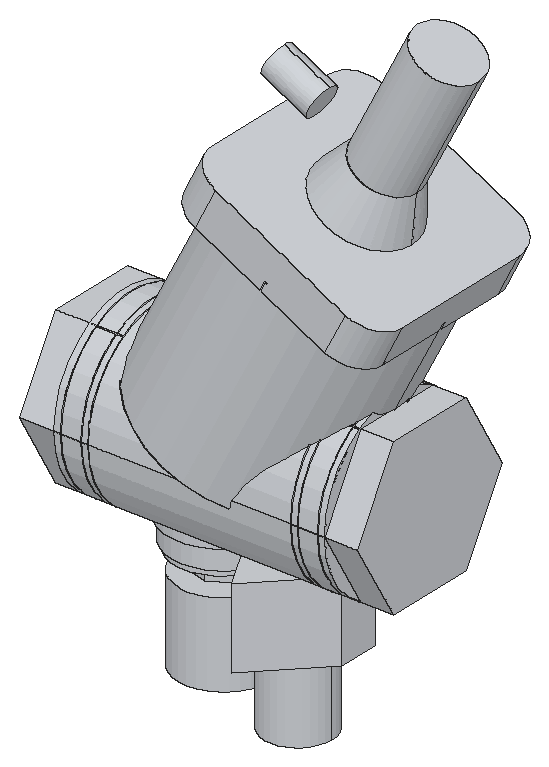
Revit family "PV_Compact_DN025L_  5-30_FF_měř-vyp_RFA_2018", category Pipe Accessories, Revit 2018
Family settings
  Round Connector Dimension = Use Diameter
  Part Type = Valve - Breaks Into
  Work Plane-Based = No
  Always vertical = Yes
  Cut with Voids When Loaded = No
  Shared = No
Parameters (values of type "PV Compact DN25L FF s měřením a vypouštěním ( 5-30kPa)")
  magiProductId = "006ff7ff77e34fd39e52f3f4c37192"
  magiProductFamilyId = "88c57951ecb64b5d83dd1d4eb8fc72"
  magiPartTypeId = 304
  isMeasuringValve [instance] = no
  ang2D [instance] = 0.00°
  Z7 = 15 mm
  Z6 = 40.2 mm
  Z5 = 93.8 mm
  Z4 = 80.4 mm
  Z3 = 13.4 mm
  Z2 = 67 mm
  XR3 = 42.5 mm
  XR2 = 37.5 mm
  XR1 = 25.5 mm
  W2D = 15 mm
  VersionID = "2.0/2018.12.13.2/FRESE_PV_COMPACT_PLUG_Q13_001"
  Use Minimum Symbol Size [instance] = no
  URL = "www.hydronic.cz"
  Type Comments = "závitový s vnitřním závitem; s měřicí vsuvkou a vypouštěním; PN25; dpmax=450kPa; -10~+120°C"
  R5 = 5 mm
  R4 = 15 mm
  R3 = 10 mm
  R2 = 26.5 mm
  R1 = 31.5 mm
  QmdConnectorList = "301;D;302;D"
  Productdata [instance] = ""
  PH__ve = -PH  # -23.6 mm
  PH = 23.6 mm
  NL__ve = -NL  # -20 mm
  NL = 20 mm
  Manufacturer = "Hydronic Systems Prague s.r.o."
  MC Use Limits From Balancing Method = no
  MC Throttling Minimum Value = 0
  MC Throttling Maximum Value = 0
  MC Product Code = "53-3246 DN25L; FF; nastavitelný rozsah dp=5~30kPa; Q=600~2500l/h;  kvs=8,7"
  MC Pressure Drop Minimum Value = 0.0 Pa
  MC Pressure Drop Maximum Value = 0.0 Pa
  MC Piping Given Pressure Drop [instance] = 0.0 Pa
  M5 = 40 mm
  M4 = 38 mm
  M3 = 32 mm
  M2 = 30 mm
  LP = 50 mm
  LM = 60 mm
  LL__ve = -LL  # -6.3 mm
  LLT__ve = -LLT  # -19.1 mm
  LLT = 19.1 mm
  LL2 = 38 mm
  LL = 6.3 mm
  L3 = 11 mm
  L2D_Min = 30.48 mm
  L2D = 65 mm
  Description = "Nastavitelný regulátor tlakové diference"
  DR1 = yes
  DR0 = no
  DL2 = 72 mm
  D = 25 mm
  CenSd_R2_6 = R2 * cos(30.00°)  # 22.95 mm
  CAT0 = yes
  C0D1 = yes
  C0D0 = no
Types (10, lengths in mm): name | magiProductId | Z6 | Z5 | Z4 | Z3 | Z2 | XR3 | XR2 | XR1 | R2 | R1 | PH__ve | PH | NL__ve | NL | MC Product Code | M5 | M4 | M3 | M2 | LP | LM | LL__ve | LLT__ve | LLT | LL2 | LL | L3 | DL2 | D | CenSd_R2_6
  PV Compact DN15 FF s měřením a vypouštěním (20-60kPa) | "ebd4dd38c61a47e78db1b31e427098" | 24.6 | 57.4 | 49.2 | 8.2 | 41 | 30 | 25 | 13 | 14 | 19 | -22.4 | 22.4 | -15 | 15 | "53-3243 DN15; FF; nastavitelný rozsah dp=20~60kPa; Q=100~1000l/h;  kvs=2,9" | 32.5 | 30.5 | 24.5 | 22.5 | 37.5 | 45 | -5.7 | -14.9 | 14.9 | 32 | 5.7 | 11 | 66 | 15 | 12.124
  PV Compact DN15 FF s měřením a vypouštěním ( 5-30kPa) | "1e13aaf8f1b54965adca1ab26bd771" | 24.6 | 57.4 | 49.2 | 8.2 | 41 | 30 | 25 | 13 | 14 | 19 | -22.4 | 22.4 | -15 | 15 | "53-3242 DN15; FF; nastavitelný rozsah dp=5~30kPa; Q=50~600l/h;  kvs=2,9" | 32.5 | 30.5 | 24.5 | 22.5 | 37.5 | 45 | -5.7 | -14.9 | 14.9 | 32 | 5.7 | 11 | 66 | 15 | 12.124
  PV Compact DN20 FF s měřením a vypouštěním (20-60kPa) | "6d4e29c475624129ae1d8630218e83" | 24.6 | 57.4 | 49.2 | 8.2 | 41 | 30 | 25 | 13 | 14 | 19 | -22.4 | 22.4 | -15.8 | 15.8 | "53-3245 DN20; FF; nastavitelný rozsah dp=20~60kPa; Q=150~2000l/h;  kvs=3,5" | 33.7 | 31.7 | 25.7 | 23.7 | 39.5 | 47.4 | -5.7 | -14.9 | 14.9 | 32 | 5.7 | 11 | 66 | 20 | 12.124
  PV Compact DN20 FF s měřením a vypouštěním ( 5-30kPa) | "3c7d936801344d2a9486b3d5f20c15" | 24.6 | 57.4 | 49.2 | 8.2 | 41 | 30 | 25 | 13 | 14 | 19 | -22.4 | 22.4 | -15.8 | 15.8 | "53-3244 DN20; FF; nastavitelný rozsah dp=5~30kPa; Q=100~1000l/h;  kvs=3,5" | 33.7 | 31.7 | 25.7 | 23.7 | 39.5 | 47.4 | -5.7 | -14.9 | 14.9 | 32 | 5.7 | 11 | 66 | 20 | 12.124
  PV Compact DN25 FF s měřením a vypouštěním ( 5-30kPa) | "40b783a088714ff8af367f7ba18a04" | 25.5 | 59.5 | 51 | 8.5 | 42.5 | 30 | 25 | 13 | 14 | 19 | -22.8 | 22.8 | -16.6 | 16.6 | "53-3251 DN25; FF; nastavitelný rozsah dp=5~30kPa; Q=600~2100l/h;  kvs=4,0" | 34.9 | 32.9 | 26.9 | 24.9 | 41.5 | 49.8 | -5.9 | -16.3 | 16.3 | 34 | 5.9 | 11 | 68 | 25 | 12.124
  PV Compact DN25L FF s měřením a vypouštěním (20-80kPa) | "7052257d0cc94620b8f60c4ac85ccd" | 40.2 | 93.8 | 80.4 | 13.4 | 67 | 42.5 | 37.5 | 25.5 | 26.5 | 31.5 | -23.6 | 23.6 | -20 | 20 | "53-3247 DN25; FF; nastavitelný rozsah dp=20~80kPa; Q=750~4200l/h;  kvs=8,7" | 40 | 38 | 32 | 30 | 50 | 60 | -6.3 | -19.1 | 19.1 | 38 | 6.3 | 11 | 72 | 25 | 22.95
  PV Compact DN25L FF s měřením a vypouštěním ( 5-30kPa) | "006ff7ff77e34fd39e52f3f4c37192" | 40.2 | 93.8 | 80.4 | 13.4 | 67 | 42.5 | 37.5 | 25.5 | 26.5 | 31.5 | -23.6 | 23.6 | -20 | 20 | "53-3246 DN25L; FF; nastavitelný rozsah dp=5~30kPa; Q=600~2500l/h;  kvs=8,7" | 40 | 38 | 32 | 30 | 50 | 60 | -6.3 | -19.1 | 19.1 | 38 | 6.3 | 11 | 72 | 25 | 22.95
  PV Compact DN32 FF s měřením a vypouštěním (20-80kPa) | "e53839f5e58040c69ad69dcf8b7122" | 40.2 | 93.8 | 80.4 | 13.4 | 67 | 42.5 | 37.5 | 25.5 | 26.5 | 31.5 | -24.6 | 24.6 | -20.8 | 20.8 | "53-3248 DN32; FF; nastavitelný rozsah dp=20~80kPa; Q=1000~5000l/h;  kvs=10,1" | 41.2 | 39.2 | 33.2 | 31.2 | 52 | 62.4 | -6.8 | -22.6 | 22.6 | 43 | 6.8 | 25 | 77 | 32 | 22.95
  PV Compact DN40 FF s měřením a vypouštěním (20-80kPa) | "edae53f0ee9843aa9c005a0dbc2db4" | 46.8 | 109.2 | 93.6 | 15.6 | 78 | 42.5 | 37.5 | 25.5 | 26.5 | 31.5 | -25.2 | 25.2 | -27.6 | 27.6 | "53-3249 DN40; FF; nastavitelný rozsah dp=20~80kPa; Q=3000~8000l/h;  kvs=15,8" | 51.4 | 49.4 | 43.4 | 41.4 | 69 | 82.8 | -7.1 | -24.7 | 24.7 | 46 | 7.1 | 25 | 80 | 40 | 22.95
  PV Compact DN50 FF s měřením a vypouštěním (20-80kPa) | "7572286e99104aaeaae4a504f9a6dd" | 46.8 | 109.2 | 93.6 | 15.6 | 78 | 42.5 | 37.5 | 25.5 | 35.25 | 31.5 | -26.4 | 26.4 | -27.6 | 27.6 | "53-3250 DN50; FF; nastavitelný rozsah dp=20~80kPa; Q=5000~11500l/h;  kvs=16,2" | 51.4 | 49.4 | 43.4 | 41.4 | 69 | 82.8 | -7.7 | -28.9 | 28.9 | 52 | 7.7 | 25 | 86 | 50 | 30.527
Reference planes
  plane 1 "Center (Front/Back)": y = 0
  plane 2 "XYPLANE": z = 0
  plane 3 "Center (Left/Right)": x = 0
  plane 4 "408": x = 50
  plane 5 "407": x = -50
  plane 6 "402": z = -72
  plane 7 "213": x = 11
  plane 8 "168": z = -15.1
  plane 9 "167": z = -17.1
  plane 10 "166": z = -23.4
  plane 11 "165": z = -29.7
  plane 12 "164": z = -31.7
  plane 13 "154": z = 0
  plane 14 "152": y = 0
  plane 15 "151": z = -38
  plane 16 "150": x = -11
  plane 17 "75": through (307.08, 0, 685.28) normal (0.891, 0, -0.454)
  plane 18 "74": x = 40
  plane 19 "73": x = 38
  plane 20 "72": x = 32
  plane 21 "71": x = 30
  plane 22 "70": x = -40
  plane 23 "69": x = -38
  plane 24 "68": x = -32
  plane 25 "67": y = 0
  plane 26 "66": through (-666.893, 0, 343.166) normal (0.454, 0, 0.891)
  plane 27 "65": x = -30
  plane 28 "64": through (335.147, 0, 670.979) normal (0.891, 0, -0.454)
  plane 29 "63": through (-637.838, 0, 400.19) normal (0.454, 0, 0.891)
  plane 30 "62": through (363.214, 0, 656.678) normal (0.891, 0, -0.454)
  plane 31 "61": y = 31.5
  plane 32 "60": y = -31.5
  plane 33 "59": through (-631.754, 0, 412.13) normal (0.454, 0, 0.891)
  plane 34 "58": through (-625.671, 0, 424.069) normal (0.454, 0, 0.891)
  plane 35 "57": through (302.625, 0, 687.549) normal (0.891, 0, -0.454)
  plane 36 "56": x = 0
  plane 37 "55": through (-668.255, 0, 340.493) normal (0.454, 0, 0.891)
  plane 38 "102XY": through (-668.255, 0, 340.493) normal (0.454, 0, 0.891)
  plane 39 "102XZ": y = 0
  plane 40 "102YZ": through (340.493, 0, 668.255) normal (0.891, 0, -0.454)
Forms (mm)
  Extrusion 1, solid
    sketch origin (50, -750, 0) x (0, 1, 0) y (0, 0, 1)
      loop
        line (776.5, 0) -> (763.25, 22.95) -> (736.75, 22.95) -> (723.5, 0) -> (736.75, -22.95) -> (763.25, -22.95) -> (776.5, 0)
    from 0 to -20 <- "NL__ve"
  Extrusion 2, solid
    sketch origin (-50, -750, 0) x (0, 1, 0) y (0, 0, 1)
      loop
        line (723.5, 0) -> (736.75, -22.95) -> (763.25, -22.95) -> (776.5, 0) -> (763.25, 22.95) -> (736.75, 22.95) -> (723.5, 0)
    from 0 to 20 <- "NL"
  Extrusion 3, solid, visible <- "C0D1"
    sketch origin (-750, 0, -72) x (1, 0, 0) y (0, 1, 0)
      loop
        circle (761, 0) r 10
    from 0 to 50
  Extrusion 4, solid, visible <- "DR1"
    sketch origin (-750, 0, -23.4) x (1, 0, 0) y (0, 1, 0)
      loop
        line (761, -24.5) -> (778.892, -6) -> (778.892, 6) -> (761, 24.5) -> (750.608, 6) -> (750.608, -6) -> (761, -24.5)
    from 0 to -23.6 <- "PH__ve"
  Extrusion 5, solid, visible <- "DR1"
    sketch origin (-750, 0, -23.4) x (1, 0, 0) y (0, 1, 0)
      loop
        circle (761, 0) r 10
    from 0 to 6.3 <- "LL"
  Blend 6, solid, visible <- "DR1"
    base sketch origin (-750, 0, -15.1) x (1, 0, 0) y (0, 1, 0)
      loop
        circle (761, 0) r 7.5
    top sketch origin (-750, 0, -15.1) x (1, 0, 0) y (0, 1, 0)
      loop
        circle (761, 0) r 10
    from 0 to -2
  Extrusion 7, solid, visible <- "DR1"
    sketch origin (-750, 0, 0) x (1, 0, 0) y (0, 1, 0)
      loop
        circle (761, 0) r 7.5
    from 0 to -19.1 <- "LLT__ve"
  Extrusion 8, solid, visible <- "C0D0"
    sketch origin (-750, 0, -38) x (1, 0, 0) y (0, 1, 0)
      loop
        circle (761, 0) r 6
    from 0 to -25
  Extrusion 9, solid, visible <- "DR0"
    sketch origin (-750, 0, -31.7) x (1, 0, 0) y (0, 1, 0)
      loop
        line (761, -7) -> (774.562, -3.5) -> (774.562, 3.5) -> (761, 7) -> (754.938, 3.5) -> (754.938, -3.5) -> (761, -7)
    from 0 to -6.3 <- "LL__ve"
  Extrusion 10, solid, visible <- "DR0"
    sketch origin (-750, 0, -31.7) x (1, 0, 0) y (0, 1, 0)
      loop
        circle (761, 0) r 7
    from 0 to 2
  Extrusion 11, solid, visible <- "DR0"
    sketch origin (-750, 0, -23.4) x (1, 0, 0) y (0, 1, 0)
      loop
        circle (761, 0) r 9
    from 0 to 6.3 <- "LL"
  Blend 12, solid, visible <- "DR0"
    base sketch origin (-750, 0, -15.1) x (1, 0, 0) y (0, 1, 0)
      loop
        circle (761, 0) r 6.5
    top sketch origin (-750, 0, -15.1) x (1, 0, 0) y (0, 1, 0)
      loop
        circle (761, 0) r 9
    from 0 to -2
  Extrusion 13, solid, visible <- "DR0"
    sketch origin (-750, 0, 0) x (1, 0, 0) y (0, 1, 0)
      loop
        circle (761, 0) r 6.5
    from 0 to -19.1 <- "LLT__ve"
  Extrusion 14, solid, visible <- "DR0"
    sketch origin (-750, 0, 0) x (1, 0, 0) y (0, 1, 0)
      loop
        circle (761, 0) r 6.5
    from 0 to -19.1 <- "LLT__ve"
  Blend 15, solid, visible <- "DR0"
    base sketch origin (-750, 0, -15.1) x (1, 0, 0) y (0, 1, 0)
      loop
        circle (761, 0) r 6.5
    top sketch origin (-750, 0, -15.1) x (1, 0, 0) y (0, 1, 0)
      loop
        circle (761, 0) r 9
    from 0 to -2
  Extrusion 16, solid, visible <- "DR0"
    sketch origin (-750, 0, -23.4) x (1, 0, 0) y (0, 1, 0)
      loop
        circle (761, 0) r 9
    from 0 to 6.3 <- "LL"
  Extrusion 17, solid, visible <- "DR0"
    sketch origin (-750, 0, -29.7) x (1, 0, 0) y (0, 1, 0)
      loop
        circle (761, 0) r 8
    from 0 to 6.3 <- "LL"
  Extrusion 18, solid, visible <- "DR0"
    sketch origin (-750, 0, -31.7) x (1, 0, 0) y (0, 1, 0)
      loop
        circle (761, 0) r 7
    from 0 to 2
  Extrusion 19, solid, visible <- "DR0"
    sketch origin (-750, 0, -31.7) x (1, 0, 0) y (0, 1, 0)
      loop
        line (761, -7) -> (774.562, -3.5) -> (774.562, 3.5) -> (761, 7) -> (754.938, 3.5) -> (754.938, -3.5) -> (761, -7)
    from 0 to -6.3 <- "LL__ve"
  Extrusion 20, solid, visible <- "C0D0"
    sketch origin (-750, 0, -38) x (1, 0, 0) y (0, 1, 0)
      loop
        circle (761, 0) r 6
    from 0 to -25
  Extrusion 21, solid, visible <- "CAT0"
    sketch origin (-750, 0, -38) x (1, 0, 0) y (0, 1, 0)
      loop
        circle (739, 0) r 13.5
    from 0 to -25
  Extrusion 22, solid
    sketch origin (-750, 0, -31.7) x (1, 0, 0) y (0, 1, 0)
      loop
        line (739, -7) -> (745.062, -3.5) -> (745.062, 3.5) -> (739, 7) -> (725.438, 3.5) -> (725.438, -3.5) -> (739, -7)
    from 0 to -6.3 <- "LL__ve"
  Extrusion 23, solid
    sketch origin (-750, 0, -31.7) x (1, 0, 0) y (0, 1, 0)
      loop
        circle (739, 0) r 14.5
    from 0 to 2
  Extrusion 24, solid
    sketch origin (-750, 0, -29.7) x (1, 0, 0) y (0, 1, 0)
      loop
        circle (739, 0) r 15.5
    from 0 to 6.3 <- "LL"
  Extrusion 25, solid
    sketch origin (-750, 0, -23.4) x (1, 0, 0) y (0, 1, 0)
      loop
        circle (739, 0) r 16.5
    from 0 to 6.3 <- "LL"
  Blend 26, solid
    base sketch origin (-750, 0, -15.1) x (1, 0, 0) y (0, 1, 0)
      loop
        circle (739, 0) r 14
    top sketch origin (-750, 0, -15.1) x (1, 0, 0) y (0, 1, 0)
      loop
        circle (739, 0) r 16.5
    from 0 to -2
  Extrusion 27, solid
    sketch origin (-750, 0, 0) x (1, 0, 0) y (0, 1, 0)
      loop
        circle (739, 0) r 14
    from 0 to -19.1 <- "LLT__ve"
  Blend 28, solid, visible <- "CAT0"
    base sketch origin (38, -750, 0) x (0, 1, 0) y (0, 0, 1)
      loop
        circle (750, 0) r 26.5
    top sketch origin (38, -750, 0) x (0, 1, 0) y (0, 0, 1)
      loop
        circle (750, 0) r 26.5
    from 0 to 2
  Extrusion 29, solid, visible <- "CAT0"
    sketch origin (32, -750, 0) x (0, 1, 0) y (0, 0, 1)
      loop
        circle (750, 0) r 26.5
    from 0 to 6
  Blend 30, solid, visible <- "CAT0"
    base sketch origin (30, -750, 0) x (0, 1, 0) y (0, 0, 1)
      loop
        circle (750, 0) r 26.5
    top sketch origin (30, -750, 0) x (0, 1, 0) y (0, 0, 1)
      loop
        circle (750, 0) r 26.5
    from 0 to 2
  Blend 31, solid, visible <- "CAT0"
    base sketch origin (-38, -750, 0) x (0, 1, 0) y (0, 0, 1)
      loop
        circle (750, 0) r 26.5
    top sketch origin (-38, -750, 0) x (0, 1, 0) y (0, 0, 1)
      loop
        circle (750, 0) r 26.5
    from 0 to -2
  Extrusion 32, solid, visible <- "CAT0"
    sketch origin (-38, -750, 0) x (0, 1, 0) y (0, 0, 1)
      loop
        circle (750, 0) r 26.5
    from 0 to 6
  Blend 33, solid, visible <- "CAT0"
    base sketch origin (-32, -750, 0) x (0, 1, 0) y (0, 0, 1)
      loop
        circle (750, 0) r 26.5
    top sketch origin (-32, -750, 0) x (0, 1, 0) y (0, 0, 1)
      loop
        circle (750, 0) r 26.5
    from 0 to 2
  Extrusion 34, solid, visible <- "CAT0"
    sketch origin (-30, -750, 0) x (0, 1, 0) y (0, 0, 1)
      loop
        circle (750, 0) r 26.5
    from 0 to 60 <- "LM"
  Extrusion 35, solid, visible <- "CAT0"
    sketch origin (-666.893, 0, 343.166) x (0.891007, 0, -0.45399) y (0, 1, 0)
      loop
        circle (744, 0) r 31.5
    from 0 to 67 <- "Z2"
  Extrusion 36, solid, visible <- "CAT0"
    sketch origin (-637.838, 0, 400.19) x (0.891007, 0, -0.45399) y (0, 1, 0)
      loop
        arc (722.5, 31.5) -> (715.429, 28.571) -> (712.5, 21.5) r 10
        line (712.5, 21.5) -> (712.5, -21.5)
        arc (712.5, -21.5) -> (715.429, -28.571) -> (722.5, -31.5) r 10
        line (722.5, -31.5) -> (765.5, -31.5)
        arc (765.5, -31.5) -> (772.571, -28.571) -> (775.5, -21.5) r 10
        line (775.5, -21.5) -> (775.5, 21.5)
        arc (775.5, 21.5) -> (772.571, 28.571) -> (765.5, 31.5) r 10
        line (765.5, 31.5) -> (722.5, 31.5)
    from 0 to 13.4 <- "Z3"
  Blend 37, solid, visible <- "CAT0"
    base sketch origin (-631.754, 0, 412.13) x (0.891007, 0, -0.45399) y (0, 1, 0)
      loop
        circle (744, 0) r 15
    top sketch origin (-631.754, 0, 412.13) x (0.891007, 0, -0.45399) y (0, 1, 0)
      loop
        circle (744, 0) r 10
    from 0 to 13.4
  Extrusion 38, solid, visible <- "CAT0"
    sketch origin (-625.671, 0, 424.069) x (0.891007, 0, -0.45399) y (0, 1, 0)
      loop
        circle (744, 0) r 10
    from 0 to 40.2 <- "Z6"
  Extrusion 39, solid, visible <- "CAT0"
    sketch origin (302.625, 0, 687.549) x (-0.45399, 0, -0.891007) y (0, 1, 0)
      loop
        circle (656.2, 0) r 5
    from 0 to 15 <- "Z7"
  Blend 40, solid, visible <- "CAT0"
    base sketch origin (-668.255, 0, 340.493) x (0.891007, 0, -0.45399) y (0, 1, 0)
      loop
        circle (744, 0) r 27.5
    top sketch origin (-668.255, 0, 340.493) x (0.891007, 0, -0.45399) y (0, 1, 0)
      loop
        circle (744, 0) r 31.5
    from 0 to 3
  Extrusion 41, solid, not visible
    sketch origin (-40, -750, 0) x (0, 1, 0) y (0, 0, 1)
      loop
        circle (750, 0) r 22.5
    from 0 to 10
  Extrusion 42, solid, not visible
    sketch origin (40, -750, 0) x (0, 1, 0) y (0, 0, 1)
      loop
        circle (750, 0) r 22.5
    from 0 to -10
Lines and regions (mm)
  reference lines, not visible
    curve 1: circle (2, 2, 0) r 1 normal (0, 0, 1)
  reference lines
    curve 2: line (50, 0, 0) -> (50, -3.5, 6.062)
    curve 3: line (50, 0, 0) -> (50, -7, 0)
    curve 4: line (50, 0, 0) -> (50, -3.5, -6.062)
    curve 5: line (-50, 0, 0) -> (-50, 3.5, 6.062)
    curve 6: line (-50, 0, 0) -> (-50, 7, 0)
    curve 7: line (-50, 0, 0) -> (-50, 3.5, -6.062)
Dimensions and locks
  plane 1 "Center (Front/Back)" to curve 1 = 2 mm
  "LP": plane 36 "56" to plane 4 "408"
  "LP": plane 36 "56" to plane 5 "407"
  "DL2": plane 2 "XYPLANE" to plane 6 "402"
  "L3": plane 3 "Center (Left/Right)" to plane 7 "213"
  locked: plane 9 "167" to plane 8 "168" at 2
  "LL": plane 10 "166" to plane 9 "167"
  "LL": plane 11 "165" to plane 10 "166"
  locked: plane 12 "164" to plane 11 "165" at 2
  "LL": plane 15 "151" to plane 12 "164"
  locked: plane 2 "XYPLANE" to plane 13 "154"
  locked: plane 1 "Center (Front/Back)" to plane 14 "152"
  "LL2": plane 2 "XYPLANE" to plane 15 "151"
  "L3": plane 3 "Center (Left/Right)" to plane 16 "150"
  "XR2": plane 40 "102YZ" to plane 17 "75"
  "M5": plane 3 "Center (Left/Right)" to plane 18 "74"
  "M4": plane 3 "Center (Left/Right)" to plane 19 "73"
  "M3": plane 3 "Center (Left/Right)" to plane 20 "72"
  "M2": plane 3 "Center (Left/Right)" to plane 21 "71"
  "M5": plane 3 "Center (Left/Right)" to plane 22 "70"
  "M4": plane 3 "Center (Left/Right)" to plane 23 "69"
  "M3": plane 3 "Center (Left/Right)" to plane 24 "68"
  locked: plane 14 "152" to plane 25 "67"
  locked: plane 38 "102XY" to plane 26 "66" at 3
  "M2": plane 3 "Center (Left/Right)" to plane 27 "65"
  locked: plane 40 "102YZ" to plane 28 "64" at 6
  "Z2": plane 38 "102XY" to plane 29 "63"
  "XR1": plane 40 "102YZ" to plane 30 "62"
  "R1": plane 14 "152" to plane 31 "61"
  "R1": plane 14 "152" to plane 32 "60"
  "Z4": plane 38 "102XY" to plane 33 "59"
  "Z5": plane 38 "102XY" to plane 34 "58"
  "XR3": plane 40 "102YZ" to plane 35 "57"
  locked: plane 3 "Center (Left/Right)" to plane 36 "56"
  locked: plane 38 "102XY" to plane 37 "55"
  "CenSd_R2_6": curve 2 to Extrusion 1 sketch curve  (x2)
  "CenSd_R2_6": curve 3 to Extrusion 1 sketch curve  (x2)
  "CenSd_R2_6": curve 4 to Extrusion 1 sketch curve  (x2)
  Extrusion 1 sketch curve to Extrusion 1 sketch curve = 0 mm  (x12)
  "CenSd_R2_6": curve 5 to Extrusion 2 sketch curve  (x2)
  "CenSd_R2_6": curve 6 to Extrusion 2 sketch curve  (x2)
  "CenSd_R2_6": curve 7 to Extrusion 2 sketch curve  (x2)
  Extrusion 2 sketch curve to Extrusion 2 sketch curve = 0 mm  (x12)
  Extrusion 4 sketch curve to Extrusion 4 sketch curve = 0 mm  (x12)
  Extrusion 9 sketch curve to Extrusion 9 sketch curve = 0 mm  (x12)
  Extrusion 19 sketch curve to Extrusion 19 sketch curve = 0 mm  (x12)
  Extrusion 22 sketch curve to Extrusion 22 sketch curve = 0 mm  (x12)
  Extrusion 36 sketch curve to Extrusion 36 sketch curve = 0 mm  (x16)
  "R2": radius of Blend 28 sketch curve  (x2)
  "R2": radius of Extrusion 29 sketch curve
  "R2": radius of Blend 30 sketch curve  (x2)
  "R2": radius of Blend 31 sketch curve  (x2)
  "R2": radius of Extrusion 32 sketch curve
  "R2": radius of Blend 33 sketch curve  (x2)
  "R2": radius of Extrusion 34 sketch curve
  "R1": radius of Extrusion 35 sketch curve
  radius of Extrusion 36 sketch curve = 10 mm  (x4)
  "R3": radius of Blend 37 sketch curve
  "R4": radius of Blend 37 sketch curve
  "R3": radius of Extrusion 38 sketch curve
  "R5": radius of Extrusion 39 sketch curve
  "R1": radius of Blend 40 sketch curve
  locked: curve 3 to curve 2 (angle 60.00°)
  locked: curve 4 to curve 3 (angle 60.00°)
  locked: curve 4 to curve 2 (angle 120.00°)
  locked: curve 6 to curve 5 (angle 60.00°)
  locked: curve 7 to curve 6 (angle 60.00°)
  locked: curve 7 to curve 5 (angle 120.00°)
  aligned and locked: level to plane 2 "XYPLANE"
  aligned and locked: plane 13 "154" to curve 4
  aligned and locked: curve 4 to plane 14 "152"
  aligned and locked: plane 13 "154" to curve 7
  aligned and locked: curve 7 to plane 14 "152"
  aligned and locked: plane 7 "213" to Extrusion 3 sketch curve
  aligned and locked: plane 14 "152" to Extrusion 3 sketch curve
  aligned and locked: plane 7 "213" to Extrusion 5 sketch curve
  aligned and locked: plane 14 "152" to Extrusion 5 sketch curve
  aligned and locked: plane 7 "213" to Blend 6 sketch curve  (x2)
  aligned and locked: plane 14 "152" to Blend 6 sketch curve  (x2)
  aligned and locked: Blend 6 to plane 9 "167"
  aligned and locked: plane 7 "213" to Extrusion 7 sketch curve
  aligned and locked: plane 14 "152" to Extrusion 7 sketch curve
  aligned and locked: plane 7 "213" to Extrusion 8 sketch curve
  aligned and locked: plane 14 "152" to Extrusion 8 sketch curve
  aligned and locked: plane 7 "213" to Extrusion 10 sketch curve
  aligned and locked: plane 14 "152" to Extrusion 10 sketch curve
  aligned and locked: plane 7 "213" to Extrusion 11 sketch curve
  aligned and locked: plane 14 "152" to Extrusion 11 sketch curve
  aligned and locked: plane 7 "213" to Blend 12 sketch curve  (x2)
  aligned and locked: plane 14 "152" to Blend 12 sketch curve  (x2)
  aligned and locked: Blend 12 to plane 9 "167"
  aligned and locked: plane 7 "213" to Extrusion 13 sketch curve
  aligned and locked: plane 14 "152" to Extrusion 13 sketch curve
  aligned and locked: plane 7 "213" to Extrusion 14 sketch curve
  aligned and locked: plane 14 "152" to Extrusion 14 sketch curve
  aligned and locked: plane 7 "213" to Blend 15 sketch curve  (x2)
  aligned and locked: plane 14 "152" to Blend 15 sketch curve  (x2)
  aligned and locked: Blend 15 to plane 9 "167"
  aligned and locked: plane 7 "213" to Extrusion 16 sketch curve
  aligned and locked: plane 14 "152" to Extrusion 16 sketch curve
  aligned and locked: plane 7 "213" to Extrusion 17 sketch curve
  aligned and locked: plane 14 "152" to Extrusion 17 sketch curve
  aligned and locked: plane 7 "213" to Extrusion 18 sketch curve
  aligned and locked: plane 14 "152" to Extrusion 18 sketch curve
  aligned and locked: plane 7 "213" to Extrusion 20 sketch curve
  aligned and locked: plane 14 "152" to Extrusion 20 sketch curve
  aligned and locked: plane 14 "152" to Extrusion 21 sketch curve
  aligned and locked: plane 16 "150" to Extrusion 21 sketch curve
  aligned and locked: plane 14 "152" to Extrusion 23 sketch curve
  aligned and locked: plane 16 "150" to Extrusion 23 sketch curve
  aligned and locked: plane 14 "152" to Extrusion 24 sketch curve
  aligned and locked: plane 16 "150" to Extrusion 24 sketch curve
  aligned and locked: plane 14 "152" to Extrusion 25 sketch curve
  aligned and locked: plane 16 "150" to Extrusion 25 sketch curve
  aligned and locked: plane 14 "152" to Blend 26 sketch curve  (x2)
  aligned and locked: plane 16 "150" to Blend 26 sketch curve  (x2)
  aligned and locked: Blend 26 to plane 9 "167"
  aligned and locked: plane 14 "152" to Extrusion 27 sketch curve
  aligned and locked: plane 16 "150" to Extrusion 27 sketch curve
  aligned and locked: plane 13 "154" to Blend 28 sketch curve  (x2)
  aligned and locked: Blend 28 sketch curve to plane 14 "152"  (x2)
  aligned and locked: plane 18 "74" to Blend 28
  aligned and locked: plane 13 "154" to Extrusion 29 sketch curve
  aligned and locked: Extrusion 29 sketch curve to plane 14 "152"
  aligned and locked: plane 13 "154" to Blend 30 sketch curve  (x2)
  aligned and locked: Blend 30 sketch curve to plane 14 "152"  (x2)
  aligned and locked: plane 20 "72" to Blend 30
  aligned and locked: plane 13 "154" to Blend 31 sketch curve  (x2)
  aligned and locked: Blend 31 sketch curve to plane 14 "152"  (x2)
  aligned and locked: Blend 31 to plane 22 "70"
  aligned and locked: plane 13 "154" to Extrusion 32 sketch curve
  aligned and locked: Extrusion 32 sketch curve to plane 14 "152"
  aligned and locked: plane 13 "154" to Blend 33 sketch curve  (x2)
  aligned and locked: Blend 33 sketch curve to plane 14 "152"  (x2)
  aligned and locked: plane 27 "65" to Blend 33
  aligned and locked: plane 13 "154" to Extrusion 34 sketch curve
  aligned and locked: Extrusion 34 sketch curve to plane 14 "152"
  aligned and locked: plane 25 "67" to Extrusion 35 sketch curve
  aligned and locked: Extrusion 35 sketch curve to plane 28 "64"
  aligned and locked: Extrusion 36 sketch curve to plane 17 "75"
  aligned and locked: Extrusion 36 sketch curve to plane 32 "60"
  aligned and locked: Extrusion 36 sketch curve to plane 30 "62"
  aligned and locked: plane 31 "61" to Extrusion 36 sketch curve
  aligned and locked: plane 25 "67" to Blend 37 sketch curve  (x2)
  aligned and locked: Blend 37 sketch curve to plane 28 "64"  (x2)
  aligned and locked: plane 34 "58" to Blend 37
  aligned and locked: plane 25 "67" to Extrusion 38 sketch curve
  aligned and locked: Extrusion 38 sketch curve to plane 28 "64"
  aligned and locked: plane 25 "67" to Extrusion 39 sketch curve
  aligned and locked: plane 34 "58" to Extrusion 39 sketch curve
  aligned and locked: plane 25 "67" to Blend 40 sketch curve  (x2)
  aligned and locked: Blend 40 sketch curve to plane 28 "64"  (x2)
  aligned and locked: plane 26 "66" to Blend 40
  aligned and locked: plane 13 "154" to Extrusion 41 sketch curve
  aligned and locked: Extrusion 41 sketch curve to plane 14 "152"
  aligned and locked: plane 13 "154" to Extrusion 42 sketch curve
  aligned and locked: Extrusion 42 sketch curve to plane 14 "152"
Automatic sketch dimensions
  plane 3 "Center (Left/Right)" to Extrusion 3 sketch curve = 1 mm
  Extrusion 4 sketch curve to plane 7 "213" = 0 mm  (x2)
  plane 3 "Center (Left/Right)" to Extrusion 4 sketch curve = 0.608 mm
  Extrusion 4 sketch curve to plane 21 "71" = 1.108 mm
  plane 32 "60" to Extrusion 4 sketch curve = 7 mm
  plane 1 "Center (Front/Back)" to Extrusion 4 sketch curve = 6 mm  (x2)
  Extrusion 4 sketch curve to plane 1 "Center (Front/Back)" = 6 mm  (x2)
  Extrusion 4 sketch curve to plane 31 "61" = 7 mm
  plane 3 "Center (Left/Right)" to Extrusion 5 sketch curve = 1 mm
  plane 3 "Center (Left/Right)" to Blend 6 sketch curve = 3.5 mm
  plane 3 "Center (Left/Right)" to Blend 6 sketch curve = 1 mm
  plane 3 "Center (Left/Right)" to Extrusion 7 sketch curve = 3.5 mm
  plane 3 "Center (Left/Right)" to Extrusion 8 sketch curve = 5 mm
  Extrusion 9 sketch curve to plane 7 "213" = 0 mm  (x2)
  plane 3 "Center (Left/Right)" to Extrusion 9 sketch curve = 4.938 mm
  Extrusion 9 sketch curve to plane 21 "71" = 5.438 mm
  plane 1 "Center (Front/Back)" to Extrusion 9 sketch curve = 7 mm
  plane 1 "Center (Front/Back)" to Extrusion 9 sketch curve = 3.5 mm  (x2)
  Extrusion 9 sketch curve to plane 1 "Center (Front/Back)" = 3.5 mm  (x2)
  Extrusion 9 sketch curve to Extrusion 9 sketch curve = 3.5 mm
  plane 3 "Center (Left/Right)" to Extrusion 10 sketch curve = 4 mm
  plane 3 "Center (Left/Right)" to Extrusion 11 sketch curve = 2 mm
  plane 3 "Center (Left/Right)" to Blend 12 sketch curve = 4.5 mm
  plane 3 "Center (Left/Right)" to Blend 12 sketch curve = 2 mm
  plane 3 "Center (Left/Right)" to Extrusion 13 sketch curve = 4.5 mm
  plane 3 "Center (Left/Right)" to Extrusion 14 sketch curve = 4.5 mm
  plane 3 "Center (Left/Right)" to Blend 15 sketch curve = 4.5 mm
  plane 3 "Center (Left/Right)" to Blend 15 sketch curve = 2 mm
  plane 3 "Center (Left/Right)" to Extrusion 16 sketch curve = 2 mm
  plane 3 "Center (Left/Right)" to Extrusion 17 sketch curve = 3 mm
  plane 3 "Center (Left/Right)" to Extrusion 18 sketch curve = 4 mm
  Extrusion 19 sketch curve to plane 7 "213" = 0 mm  (x2)
  plane 3 "Center (Left/Right)" to Extrusion 19 sketch curve = 4.938 mm
  Extrusion 19 sketch curve to plane 21 "71" = 5.438 mm
  plane 1 "Center (Front/Back)" to Extrusion 19 sketch curve = 7 mm
  plane 1 "Center (Front/Back)" to Extrusion 19 sketch curve = 3.5 mm  (x2)
  Extrusion 19 sketch curve to plane 1 "Center (Front/Back)" = 3.5 mm  (x2)
  Extrusion 19 sketch curve to Extrusion 19 sketch curve = 3.5 mm
  plane 3 "Center (Left/Right)" to Extrusion 20 sketch curve = 5 mm
  plane 27 "65" to Extrusion 21 sketch curve = 5.5 mm
  Extrusion 22 sketch curve to plane 16 "150" = 0 mm  (x2)
  plane 27 "65" to Extrusion 22 sketch curve = 5.438 mm
  Extrusion 22 sketch curve to plane 3 "Center (Left/Right)" = 4.938 mm
  plane 1 "Center (Front/Back)" to Extrusion 22 sketch curve = 7 mm
  plane 1 "Center (Front/Back)" to Extrusion 22 sketch curve = 3.5 mm  (x2)
  Extrusion 22 sketch curve to plane 1 "Center (Front/Back)" = 3.5 mm  (x2)
  Extrusion 22 sketch curve to Extrusion 22 sketch curve = 3.5 mm
  plane 27 "65" to Extrusion 23 sketch curve = 4.5 mm
  plane 27 "65" to Extrusion 24 sketch curve = 3.5 mm
  plane 27 "65" to Extrusion 25 sketch curve = 2.5 mm
  plane 27 "65" to Blend 26 sketch curve = 5 mm
  plane 27 "65" to Blend 26 sketch curve = 2.5 mm
  plane 27 "65" to Extrusion 27 sketch curve = 5 mm
  plane 17 "75" to Blend 40 sketch curve = 4 mm
  plane 32 "60" to Extrusion 41 sketch curve = 9 mm
  plane 32 "60" to Extrusion 42 sketch curve = 9 mm
  plane 3 "Center (Left/Right)" to curve 1 = 2 mm
  radius of curve 1 = 1 mm
Connectors
  piping at (-40, 0, 0), diameter 25, driven by "D"
    settings: on Extrusion 41, index 1, connector inside diameter 609.6 mm, connector length 0 mm, flow factor 0, pipe flow 0.0 L/s, pressure drop 0.0 Pa, fitting loss kfactor 0, connector angle 0.00°, fixture units 0, engagement length 0 mm, angle of deflection 0.00°, flow configuration 0, flow direction 0, fitting loss method 0, system type 29, joint type 0, gender type 0, connector reference index 2, connector utility 0, adjustable connector no, is connector primary yes, connector description ""
  piping at (40, 0, 0), diameter 25, driven by "D"
    settings: on Extrusion 42, index 2, connector inside diameter 609.6 mm, connector length 0 mm, flow factor 0, pipe flow 0.0 L/s, pressure drop 0.0 Pa, fitting loss kfactor 0, connector angle 0.00°, fixture units 0, engagement length 0 mm, angle of deflection 0.00°, flow configuration 0, flow direction 0, fitting loss method 0, system type 29, joint type 0, gender type 0, connector reference index 1, connector utility 0, adjustable connector no, is connector primary no, connector description ""
